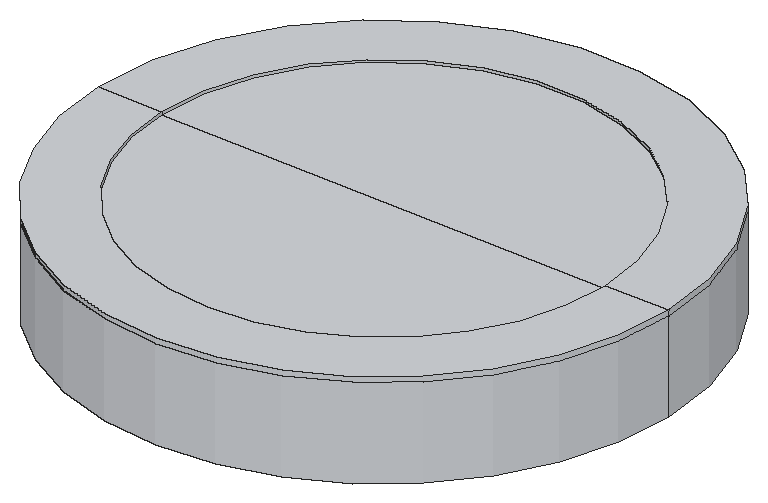
Revit family "0053948", category Lighting Fixtures, host Face, Revit 2017
Family settings
  Host = Face
  Round Connector Dimension = Use Diameter
  Part Type = Normal
  OmniClass Number = 23.80.70.00
  OmniClass Title = Lighting
  Cut with Voids When Loaded = No
  Light Source = Yes
  Shared = No
  Room Calculation Point = No
Parameters (values of type "0053948 ST E DOWNLIGHT FLT 226 1750 840 DIM SRFC")
  Weight = "6.87 kg"
  Wattage Comments = ""
  Wattage = 17 W
  WarrantyStartDate [instance] = "n/a"
  WarrantyGuarantorParts = "n/a"
  WarrantyDurationUnit = "n/a"
  WarrantyDurationParts = "n/a"
  WarrantyDescription = "n/a"
  built-in parameter 1150110 = 1 (stored number, unit not read)
  Voltage = 0 V
  URL = "http://www.sylvania-lighting.com"
  TypeName = "START eco Downlight Flat 226 1750lm 840 DIM Srfc"
  Type Image = <None>
  Type Comments = "n/a"
  built-in parameter 1114217 = 1 (stored number, unit not read)
  Tilt Angle = -90.00°
  built-in parameter 1150109 = 1 (stored number, unit not read)
  built-in parameter 1150134 = 12
  built-in parameter 1150113 = 1 (stored number, unit not read)
  SerialNumber [instance] = "n/a"
  SIZE_203_SYL = 1
  SIZE_155_SYL = 0
  R_DIFF_SYL = if(SIZE_155_SYL = 1, 62.5 mm, if(SIZE_203_SYL = 1, 88 mm, 62.5 mm))  # 88 mm
  R2_SYL = if(SIZE_155_SYL = 1, 77.5 mm, if(SIZE_203_SYL = 1, 101.5 mm, 77.5 mm))  # 101.5 mm
  R1_SYL = if(SIZE_155_SYL = 1, 86 mm, if(SIZE_203_SYL = 1, 113 mm, 86 mm))  # 113 mm
  Photometric Web File = "0053948.ies"
  LUM_MH_SYL = 37 mm
  LUM_HEIGHT_SYL = 15 mm - CHAMF_SYL  # 14 mm
  CLIP_SYL = 10 mm
  CLIP_HOLE_SYL = 2.5 mm
  CLIP_HOLE_HE_SYL = 8.5 mm
  CLIP_D_SYL = R2_SYL - 2.5 mm  # 99 mm
  CLIP_DIST_SYL = R2_SYL - 2.5 mm  # 99 mm
  CLIP_CUTOUT_SYL = 19 mm
  CHAMF_SYL = 1 mm
  Material_3_SYL = none
  PowerFactor = 0.9
  PowerConsumption = "17 W"
  NominalLength = 226 mm
  NominalHeight = 38 mm
  NominalDepth = 226 mm
  Name = "START eco Downlight Flat 226 1750lm 840 DIM Srfc"
  ModelReference = Name  # "START eco Downlight Flat 226 1750lm 840 DIM Srfc"
  ModelNumber = "0053948"
  Model = Name  # "START eco Downlight Flat 226 1750lm 840 DIM Srfc"
  Material = "n/a"
  ManufacturerName = "Feilo Sylvania"
  Manufacturer = "Feilo Sylvania"
  LuminousEfficacy = "103 lm/W"
  built-in parameter 1150105 = 139.34 (stored number, unit not read)
  Lumens = 1751 lm
  LuminaireType = ""
  built-in parameter 1150115 = 1 (stored number, unit not read)
  LightOutputRatio = "n/a"
  built-in parameter 1150137 = (empty or 0)
  built-in parameter 1150139 = (empty or 0)
  LampsType = Lamp  # "LED"
  LampNominalLuminous = "1750 lm"
  LampMacAdamStep = "5"
  LampColourTemperature = "4000 K"
  LampColourRenderingIndex = "80"
  built-in parameter 1150112 = 1 (stored number, unit not read)
  built-in parameter 1150114 = 1 (stored number, unit not read)
  Lamp = "LED"
  Keynote = "16500"
  InstallationDate [instance] = "n/a"
  InputVoltage = "n/a"
  InputNominalFrequency = "n/a"
  built-in parameter 1150132 = (empty or 0)
  built-in parameter 1150102 = (empty or 0)
  built-in parameter 1150107 = 4000 (stored number, unit not read)
  built-in parameter 1150138 = (empty or 0)
  IngressProtection = "IP20"
  ImpactProtectionIndex = "IK06"
  built-in parameter 1150106 = 1.3934 (stored number, unit not read)
  IfcExportType = "IfcLightFixtureType"
  IfcExportAs = "IfcLightFixtureType"
  Emit from Circle Diameter = 609.6 mm
  Emit Shape Visible in Rendering = no
  ElectricShockClassification = "Class II"
  built-in parameter 1150104 = 9.569 (stored number, unit not read)
  DocumentationLiterature = "http://www.sylvania-lighting.com/product/en-int/products/0053948"
  DimmingControlOptions = "n/a"
  Material_2_SYL = none
  Dimming Lamp Color Temperature Shift = <None>
  Description = "START eco Downlight Flat DIM Surface is an integrated LED surface mounted downlight with separated phase dimmable driver; 17W; 1750Lm; 103Lm/W; 4000K; IP20; 30,000hrs (L70B50)."
  Default Elevation = 1219.2 mm
  CreatedOn = "8/6/2020"
  CreatedBy = "@sylvania-lighting.com"
  Cost = 0
  Color Filter = 16777215
  built-in parameter 1114216 [instance] = (empty or 0)
  ClassificationValue = "EF_70_80"
  ClassificationName = "Uniclass2015"
  Material_1_SYL = none
  CHAMF_2_SYL = 1 mm
  BarCode [instance] = "n/a"
  built-in parameter 1114218 = 1 (stored number, unit not read)
  built-in parameter 1150133 = 10 (stored number, unit not read)
  AssetType = "Fixed"
  AssetIdentifier [instance] = "n/a"
  Assembly Code = "D5020200"
  Apparent Load = 17 VA
  Material_4_SYL = none
Types (4, lengths in mm): name | Weight | Wattage | TypeName | built-in parameter 1150134 | SIZE_203_SYL | SIZE_155_SYL | R_DIFF_SYL | R2_SYL | R1_SYL | Photometric Web File | CLIP_D_SYL | CLIP_DIST_SYL | PowerConsumption | NominalLength | NominalDepth | Name | ModelReference | ModelNumber | Model | Material | LuminousEfficacy | built-in parameter 1150105 | Lumens | LampNominalLuminous | LampColourTemperature | built-in parameter 1150107 | built-in parameter 1150106 | built-in parameter 1150104 | DocumentationLiterature | Description | Apparent Load
  0053947 ST E DOWNLIGHT FLT 172 1200 840 DIM SRFC | "4.87 kg" | 12 W | "START eco Downlight Flat 172 1200lm 840 DIM Srfc" | 12 | 0 | 1 | 62.5 | 77.5 | 86 | "0053947.ies" | 75 | 75 | "12 W" | 172 | 172 | "START eco Downlight Flat 172 1200lm 840 DIM Srfc" | "START eco Downlight Flat 172 1200lm 840 DIM Srfc" | "0053947" | "START eco Downlight Flat 172 1200lm 840 DIM Srfc" | "aluminium housing, other diffuser" | "100 lm/W" | 95.493 (stored number, unit not read) | 1200 lm | "1200 lm" | "4000 K" | 4000 (stored number, unit not read) | 0.95493 (stored number, unit not read) | 9.2903 (stored number, unit not read) | "http://www.sylvania-lighting.com/product/en-int/products/0053947" | "START eco Downlight Flat DIM Surface is an integrated LED surface mounted downlight with separated phase dimmable driver; 12W; 1200Lm; 100Lm/W; 4000K; IP20; 30,000hrs (L70B50)." | 12 VA
  0053946 ST E DOWNLIGHT FLT 226 1700 830 DIM SRFC | "6.87 kg" | 17 W | "START eco Downlight Flat 226 1700lm 830 DIM Srfc" | (empty or 0) | 1 | 0 | 88 | 101.5 | 113 | "0053946.ies" | 99 | 99 | "17 W" | 226 | 226 | "START eco Downlight Flat 226 1700lm 830 DIM Srfc" | "START eco Downlight Flat 226 1700lm 830 DIM Srfc" | "0053946" | "START eco Downlight Flat 226 1700lm 830 DIM Srfc" | "n/a" | "100 lm/W" | 135.28 (stored number, unit not read) | 1700 lm | "1700 lm" | "3000 K" | 3000 (stored number, unit not read) | 1.3528 (stored number, unit not read) | 9.2903 (stored number, unit not read) | "http://www.sylvania-lighting.com/product/en-int/products/0053946" | "START eco Downlight Flat DIM Surface is an integrated LED surface mounted downlight with separated phase dimmable driver; 17W; 1700Lm; 100Lm/W; 3000K; IP20; 30,000hrs (L70B50)." | 17 VA
  0053945 ST E DOWNLIGHT FLT 172 1100 830 DIM SRFC | "4.87 kg" | 12 W | "START eco Downlight Flat 172 1100lm 830 DIM Srfc" | (empty or 0) | 0 | 1 | 62.5 | 77.5 | 86 | "0053945.ies" | 75 | 75 | "12 W" | 172 | 172 | "START eco Downlight Flat 172 1100lm 830 DIM Srfc" | "START eco Downlight Flat 172 1100lm 830 DIM Srfc" | "0053945" | "START eco Downlight Flat 172 1100lm 830 DIM Srfc" | "aluminium housing, other diffuser" | "92 lm/W" | 87.854 (stored number, unit not read) | 1104 lm | "1100 lm" | "3000 K" | 3000 (stored number, unit not read) | 0.87854 (stored number, unit not read) | 8.5471 (stored number, unit not read) | "http://www.sylvania-lighting.com/product/en-int/products/0053945" | "START eco Downlight Flat DIM Surface is an integrated LED surface mounted downlight with separated phase dimmable driver; 12W; 1100Lm; 92Lm/W; 3000K; IP20; 30,000hrs (L70B50)." | 12 VA
  0053948 ST E DOWNLIGHT FLT 226 1750 840 DIM SRFC | "6.87 kg" | 17 W | "START eco Downlight Flat 226 1750lm 840 DIM Srfc" | 12 | 1 | 0 | 88 | 101.5 | 113 | "0053948.ies" | 99 | 99 | "17 W" | 226 | 226 | "START eco Downlight Flat 226 1750lm 840 DIM Srfc" | "START eco Downlight Flat 226 1750lm 840 DIM Srfc" | "0053948" | "START eco Downlight Flat 226 1750lm 840 DIM Srfc" | "n/a" | "103 lm/W" | 139.34 (stored number, unit not read) | 1751 lm | "1750 lm" | "4000 K" | 4000 (stored number, unit not read) | 1.3934 (stored number, unit not read) | 9.569 (stored number, unit not read) | "http://www.sylvania-lighting.com/product/en-int/products/0053948" | "START eco Downlight Flat DIM Surface is an integrated LED surface mounted downlight with separated phase dimmable driver; 17W; 1750Lm; 103Lm/W; 4000K; IP20; 30,000hrs (L70B50)." | 17 VA
Reference planes
  plane 1 "Center (Front/Back)": y = 0
  plane 2: z = 0
  plane 3 "Center (Left/Right)": x = 0
  plane 4: z = 1
  plane 5: z = -1
  plane 6: z = -14
  plane 7: x = 113
  plane 8: x = 88
  plane 9: x = 101.5
  plane 10: x = 0
  plane 11: x = -96
  plane 12: x = -101.5
  plane 13: y = 10
  plane 14: y = -10
  plane 15: x = 99
  plane 16: z = -19
  plane 17: z = -16.5
  plane 18: y = -8.5
  plane 19: y = 8.5
  plane 20: x = -99
  plane 21: z = -37
Forms (mm)
  Revolve 1, solid
    sketch origin (0, 0, 0) x (1, 0, 0) y (0, 0, 1)
      loop
        line (0, 0) -> (0, -14) -> (101.5, -14) -> (101.5, -1) -> (113, -1) -> (113, 1) -> (88, 1) -> (88, 0) -> (0, 0)
      axis (0, 1) -> (0, -14)
    angle from 360 to 0
  Extrusion 2, solid
    sketch origin (0, 0, 0) x (1, 0, 0) y (0, 1, 0)
      loop
        line (99, 10) -> (99, -10) -> (101.5, -10) -> (101.5, 10) -> (99, 10)
      loop
        line (-99, 10) -> (-101.5, 10) -> (-101.5, -10) -> (-99, -10) -> (-99, 10)
    from -20 to -1
  Extrusion 3, void
    sketch origin (319, 1524, 1219.2) x (0, 1, 0) y (0, 0, 1)
      loop
        line (-1515.5, -1238.2) -> (-1515.5, -1235.7) -> (-1532.5, -1235.7) -> (-1532.5, -1238.2) -> (-1515.5, -1238.2)
    from -440.059 to 10
  Revolve 4, solid
    sketch origin (0, 0, 0) x (1, 0, 0) y (0, 0, 1)
      loop
        line (113, -1) -> (101.5, -1) -> (101.5, -37) -> (113, -37) -> (113, -1)
      axis (0, -37) -> (0, -1)
    angle from 360 to 0
Cuts and joins
  Extrusion 3 cuts Extrusion 2
Dimensions and locks
  "LUM_HEIGHT_SYL": host face to plane 6
  "CHAMF_2_SYL": host face to plane 5
  "CHAMF_SYL": plane 4 to host face
  "R_DIFF_SYL": plane 8 to plane 3 "Center (Left/Right)"
  "R2_SYL": plane 3 "Center (Left/Right)" to plane 9
  "R1_SYL": plane 7 to plane 3 "Center (Left/Right)"
  "CLIP_SYL": plane 14 to plane 1 "Center (Front/Back)" to plane 13
  "CLIP_D_SYL": plane 10 to plane 15
  "R2_SYL": plane 10 to plane 9
  "CLIP_CUTOUT_SYL": host face to plane 16
  "CLIP_HOLE_SYL": plane 17 to plane 16
  "CLIP_HOLE_HE_SYL": plane 19 to plane 1 "Center (Front/Back)" to plane 18
  "R2_SYL": plane 12 to plane 10
  "CLIP_D_SYL": plane 20 to plane 3 "Center (Left/Right)"
  "LUM_MH_SYL": level to plane 21
  aligned and locked: plane 2 to host face
  aligned and locked: level to host face
  aligned and locked: Revolve 1 sketch curve to plane 3 "Center (Left/Right)"
  aligned and locked: plane 13 to Extrusion 2 sketch curve
  aligned and locked: Extrusion 2 sketch curve to plane 15
  aligned and locked: Extrusion 2 sketch curve to plane 14
  aligned and locked: plane 9 to Extrusion 2 sketch curve
  aligned and locked: Extrusion 3 sketch curve to plane 16
  aligned and locked: plane 19 to Extrusion 3 sketch curve
  aligned and locked: Extrusion 3 sketch curve to plane 17
  aligned and locked: Extrusion 3 sketch curve to plane 18
  aligned and locked: Extrusion 2 sketch curve to plane 13
  aligned and locked: Extrusion 2 sketch curve to plane 20
  aligned and locked: plane 14 to Extrusion 2 sketch curve
  aligned and locked: plane 12 to Extrusion 2 sketch curve
  aligned and locked: Revolve 4 sketch curve to Revolve 1  (x2)
  aligned and locked: plane 21 to Revolve 4 sketch curve
  aligned and locked: plane 9 to Revolve 4 sketch curve
  aligned and locked: Revolve 4 sketch curve to plane 10
Automatic sketch dimensions
  host sketch curve to host sketch curve = 2438.4 mm  (x2)
  Revolve 1 sketch curve to level = 0 mm
  Revolve 1 sketch curve to plane 3 "Center (Left/Right)" = 0 mm
  plane 8 to Revolve 1 sketch curve = 0 mm
  Revolve 1 sketch curve to plane 6 = 0 mm
  plane 9 to Revolve 1 sketch curve = 0 mm
  Revolve 1 sketch curve to plane 5 = 0 mm
  plane 7 to Revolve 1 sketch curve = 0 mm
  Revolve 1 sketch curve to plane 4 = 0 mm
  Revolve 1 sketch curve to plane 16 = 584.6 mm
  Revolve 1 sketch curve to plane 4 = 2608.058 mm
  plane 21 to Revolve 4 sketch curve = 267.8 mm
  Revolve 4 sketch curve to plane 4 = 303.8 mm
